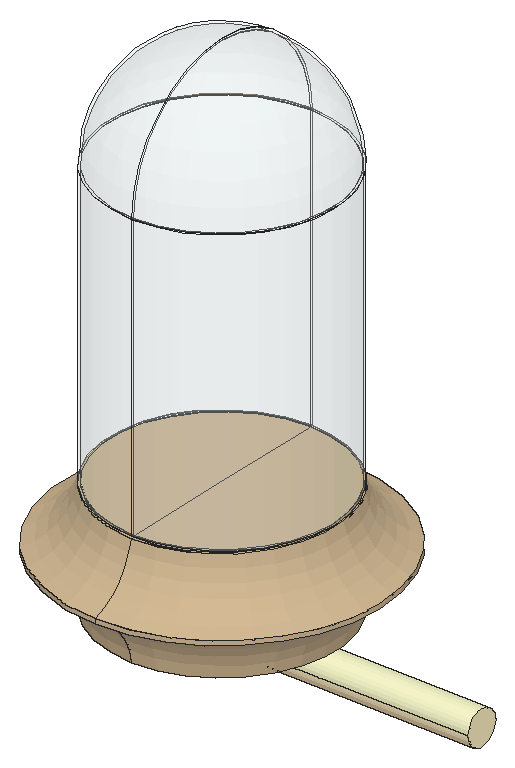
Revit family "CÚPULA PAREDE BAMBU", category Sistema de mobiliário, Revit 2021
Family settings
  Cota do conector redondo = Utilizar diâmetro
  Tipo de parte = Normal
  Com base no plano de trabalho = Não
  Sempre na vertical = Sim
  Corte com vazios quando carregada = Não
  Compartilhado = Não
  Ponto de cálculo do ambiente = Não
Parameters
  Elevação padrão = 0.0 cm
Reference planes (cm)
  plane 1 "Centro (Frente/Trás)": y = 0
  plane 2: z = 0
  plane 3 "Centro (Esquerda/Direita)": x = 0
  plane 4: x = -45.1952
  plane 5: x = 45.1952
  plane 6: y = -47.1935
  plane 7: y = 47.1935
Forms (cm)
  Revolve 1, solid, material "Vidro"
    sketch origin (0, 0, 0) x (0, 1, 0) y (0, 0, 1)
      loop
        line (10.3469, 77.9728) -> (10.3469, 103.1139)
        arc (10.3469, 103.1139) -> (13.2172, 110.0436) -> (20.1469, 112.9139) r 9.8
        line (20.1469, 112.9139) -> (20.1469, 113.1139)
        arc (20.1469, 113.1139) -> (13.0758, 110.185) -> (10.1469, 103.1139) r 10
        line (10.1469, 103.1139) -> (10.1469, 77.9728) -> (10.3469, 77.9728)
      axis (20.1469, 113.1139) -> (20.1469, 77.9728)
    angle from 0 to 360
  Revolve 2, solid, material "MADEIRA NATURAL"
    sketch origin (0, 0, 0) x (0, 1, 0) y (0, 0, 1)
      loop
        line (20.1469, 77.9728) -> (10.329, 77.9728) -> (10.329, 77.8317) -> (10.1244, 77.8317)
        arc (10.1244, 77.8317) -> (8.7759, 74.954) -> (6.1469, 73.1686) r 6
        line (6.1469, 73.1686) -> (6.1469, 72.777)
        arc (6.1469, 72.777) -> (8.822, 70.937) -> (10.1469, 67.9728) r 6
        line (10.1469, 67.9728) -> (20.1469, 67.9728) -> (20.1469, 77.9728)
      axis (20.1469, 77.9728) -> (20.1469, 67.9728)
    angle from 0 to 360
  Extrusion 3, solid, material "LATÃO"
    sketch origin (-7, 0, 0) x (0, 1, 0) y (0, 0, 1)
      loop
        circle (20.1469, 66.4728) r 1.5
    from 0 to 30
Dimensions and locks (cm)
  equal spacing: plane 6, plane 1 "Centro (Frente/Trás)", plane 7
  equal spacing: plane 4, plane 3 "Centro (Esquerda/Direita)", plane 5
  aligned and locked: level to plane 2
Automatic sketch dimensions
  Revolve 1 sketch curve to Revolve 1 sketch curve = 0.0 cm  (x3)
  Revolve 1 sketch curve to plane 1 "Centro (Frente/Trás)" = 10.1469 cm
  Revolve 1 sketch curve to Revolve 1 sketch curve = 0.2 cm
  Revolve 1 sketch curve to Revolve 1 sketch curve = 9.8 cm
  level to Revolve 1 sketch curve = 77.9728 cm
  Revolve 1 sketch curve to Revolve 1 sketch curve = 25.1411 cm
  Revolve 1 sketch curve to Revolve 1 sketch curve = 5.8589 cm
  Revolve 1 sketch curve to Revolve 1 sketch curve = 5.0 cm
  Revolve 2 sketch curve to plane 1 "Centro (Frente/Trás)" = 4.211 cm  (x2)
  Revolve 2 sketch curve to Revolve 2 sketch curve = 1.9359 cm
  Revolve 2 sketch curve to Revolve 2 sketch curve = 5.9133 cm
  Revolve 2 sketch curve to Revolve 2 sketch curve = 5.9359 cm
  Revolve 2 sketch curve to Revolve 2 sketch curve = 0.2047 cm
  Revolve 2 sketch curve to Revolve 2 sketch curve = 10.0 cm
  level to Revolve 2 sketch curve = 67.0978 cm
  Revolve 2 sketch curve to Revolve 2 sketch curve = 0.8749 cm
  Revolve 2 sketch curve to Revolve 2 sketch curve = 0.3917 cm
  Revolve 2 sketch curve to Revolve 2 sketch curve = 4.6631 cm
  Revolve 2 sketch curve to Revolve 2 sketch curve = 0.1411 cm
  Revolve 2 sketch curve to Revolve 2 sketch curve = 0.0 cm
  Revolve 2 sketch curve to Revolve 2 sketch curve = 4.0 cm
  Revolve 2 sketch curve to Revolve 2 sketch curve = 6.0 cm
  Extrusion 3 sketch curve to plane 1 "Centro (Frente/Trás)" = 20.1469 cm
  level to Extrusion 3 sketch curve = 66.4728 cm
  radius of Extrusion 3 sketch curve = 1.5 cm
